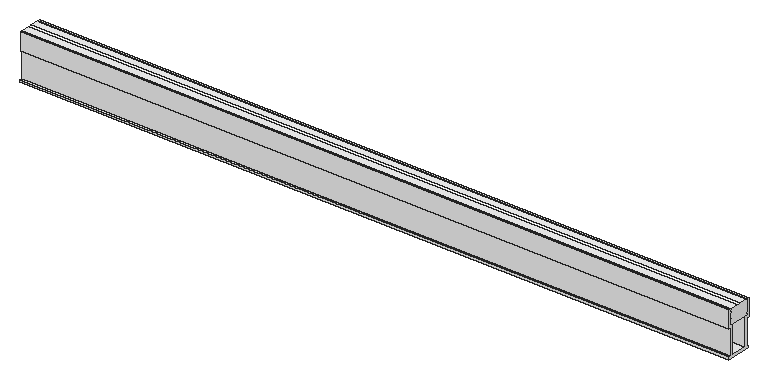
Revit family "4070758+4070745 Feilo Sylvania Lighting Fixture CURSUS 876MM 620LM OVAL LED 3K with FRAMED ROUGH IN HOUSING", category Lighting Fixtures, host Face, Revit 2017
Family settings
  Host = Face
  Round Connector Dimension = Use Diameter
  Part Type = Normal
  OmniClass Number = 23.80.70.14
  OmniClass Title = Luminaries for External Lighting
  Cut with Voids When Loaded = Yes
  Light Source = Yes
  Shared = No
  Room Calculation Point = No
Parameters (values of type "4070758 CURSUS 876MM 620LM OVAL LED 3K")
  Width = 30 mm
  Weight = "1.7 kg"
  Wattage Comments = "n/a"
  Wattage = 13.5 W
  WarrantyStartDate [instance] = "n/a"
  WarrantyGuarantorParts = "n/a"
  WarrantyDurationUnit = "n/a"
  WarrantyDurationParts = "n/a"
  WarrantyDescription = "n/a"
  built-in parameter 1150110 = 1 (stored number, unit not read)
  Voltage = 24 V
  URL = "http://www.sylvania-lighting.com"
  TypeName = "CURSUS 876MM 620LM OVAL LED 3K"
  Type Image = <None>
  Type Comments = "n/a"
  built-in parameter 1114217 = 1 (stored number, unit not read)
  Tilt Angle = -90.00°
  built-in parameter 1150109 = 1 (stored number, unit not read)
  built-in parameter 1150134 = (empty or 0)
  built-in parameter 1150113 = 1 (stored number, unit not read)
  SerialNumber [instance] = "n/a"
  Material_3_FEILO = none
  PowerFactor = 0
  PowerConsumption = "13.5 W"
  Photometric Web File = "4070758.ies"
  NominalLength = 876 mm
  NominalHeight = 50 mm
  NominalDepth = Width  # 30 mm
  Name = "CURSUS 876MM 620LM OVAL LED 3K"
  ModelReference = Name  # "CURSUS 876MM 620LM OVAL LED 3K"
  ModelNumber = "4070758"
  Model = Name  # "CURSUS 876MM 620LM OVAL LED 3K"
  Material = "natural anodised extruded aluminium structure housing, optical system with pmma lenses diffuser"
  ManufacturerName = "Feilo Sylvania"
  Manufacturer = "Feilo Sylvania"
  LuminousEfficacy = "45.92 lm/W"
  built-in parameter 1150105 = 874.55 (stored number, unit not read)
  Lumens = 620 lm
  LuminaireType = ""
  built-in parameter 1150115 = 1 (stored number, unit not read)
  LightOutputRatio = "100"
  built-in parameter 1150137 = (empty or 0)
  built-in parameter 1150139 = (empty or 0)
  LengthVoidExtrusionRight [instance] = if(EndCapRight, Length / 2, Length / 2 - 2.5 mm)  # 438.5 mm
  LengthVoidExtrusionLeft [instance] = if(EndCapLeft, Length / 2, Length / 2 - 2.5 mm)  # 438.5 mm
  Length = 882 mm
  LampsType = Lamp  # "LED"
  LampNominalLuminous = "620 lm"
  LampMacAdamStep = "n/a"
  LampColourTemperature = "3000 K"
  LampColourRenderingIndex = "80"
  built-in parameter 1150112 = 1 (stored number, unit not read)
  built-in parameter 1150114 = 1 (stored number, unit not read)
  Lamp = "LED"
  Keynote = "16500"
  InstallationDate [instance] = "n/a"
  InputVoltage = "24V DC"
  InputNominalFrequency = "50/60 Hz"
  built-in parameter 1150132 = (empty or 0)
  built-in parameter 1150102 = (empty or 0)
  built-in parameter 1150107 = 3000 (stored number, unit not read)
  built-in parameter 1150138 = (empty or 0)
  IngressProtection = "IP67"
  ImpactProtectionIndex = "IK07"
  built-in parameter 1150106 = 8.7455 (stored number, unit not read)
  IfcExportType = "IfcLightFixtureType"
  IfcExportAs = "IfcLightFixtureType"
  ExpectedLife = 50000
  EndCapRight [instance] = no
  EndCapLeft [instance] = no
  Emit from Rectangle Width = Width - 6 mm  # 24 mm
  Emit from Rectangle Length = Length - 6 mm  # 876 mm
  Emit Shape Visible in Rendering = no
  ElectricShockClassification = "Class III"
  built-in parameter 1150104 = 4.2667 (stored number, unit not read)
  DurationUnit = "hours"
  DocumentationLiterature = "http://www.sylvania-lighting.com/product/en-int/products/4070758"
  DimmingControlOptions = "n/a"
  Dimming Lamp Color Temperature Shift = <None>
  Material_2_FEILO = Diffuser-Sylvania-Glow
  Description = "LED Exterior Lighting Recessed Surface Mounted Linear Fixture, Natural anodised extruded aluminium structure. Die-cast aluminium end caps. Installation kit with harmonic steel springs., 620 lm, 13,5W, 45lm/W, 3000K, CRI80+,non dimmable,IP67, IK07, (HxWxD) 876x50x30mm, 3 step Mac Adam Ellipse, 1.7kg,, Classe III, 21-25V-DC, energy class : A++, A+, A"
  Default Elevation = 1219.2 mm
  CreatedOn = "1/8/2018"
  CreatedBy = ""
  Cost = 0
  Color Filter = 16777215
  built-in parameter 1114216 [instance] = (empty or 0)
  ClassificationValue = "EF_70_80"
  ClassificationName = "Uniclass2015"
  Material_1_FEILO = Body-Sylvania-Gray
  BarCode [instance] = "n/a"
  built-in parameter 1114218 = 1 (stored number, unit not read)
  built-in parameter 1150133 = 10 (stored number, unit not read)
  AssetType = "Fixed"
  AssetIdentifier [instance] = "n/a"
  Assembly Code = "D5020200"
  Apparent Load = 13.5 VA
  Material_4_FEILO = Diffuser-Sylvania-Glow
Reference planes
  plane 1 "Center (Front/Back)": y = 0
  plane 2: z = 0
  plane 3 "Center (Left/Right)": x = 0
  plane 4: y = 15
  plane 5: y = -15
  plane 6: x = 441
  plane 7: x = -441
  plane 8: x = -438.5
  plane 9: y = 12.5
  plane 10: y = -12.5
  plane 11: x = 438.5
  plane 12: z = -55
  plane 13: z = -52.5
  plane 14: z = -2
  plane 15: y = -10
  plane 16: z = -18
  plane 17: z = -20.5
  plane 18: y = 10
Forms (mm)
  Extrusion 1, solid, material "Body-Sylvania-Gray" <- "Material_1_FEILO"
    sketch origin (0, 0, -32.5) x (0, 1, 0) y (0, 0, 1)
      loop
        line (15, -22.5) -> (15, -20) -> (12.5, -20) -> (12.5, 12) -> (15, 12) -> (15, 32.5) -> (12.5, 32.5) -> (12.5, 14.5) -> (10, 14.5) -> (10, -20) -> (-10, -20) -> (-10, 14.5) -> (-12.5, 14.5) -> (-12.5, 32.5) -> (-15, 32.5) -> (-15, 12) -> (-12.5, 12) -> (-12.5, -20) -> (-15, -20) -> (-15, -22.5) -> (15, -22.5)
    from -438.5 to 438.5
  Extrusion 2, solid, material "Body-Sylvania-Gray" <- "Material_1_FEILO", visible <- "EndCapRight"
    sketch origin (441, 1524, 1219.2) x (0, 1, 0) y (0, 0, 1)
      loop
        line (-1539, -1274.2) -> (-1509, -1274.2) -> (-1509, -1219.2) -> (-1539, -1219.2) -> (-1539, -1274.2)
    from 0 to -2.5
  Extrusion 3, solid, material "Body-Sylvania-Gray" <- "Material_1_FEILO", visible <- "EndCapLeft"
    sketch origin (-441, 1524, 1219.2) x (0, 1, 0) y (0, 0, 1)
      loop
        line (-1539, -1274.2) -> (-1509, -1274.2) -> (-1509, -1219.2) -> (-1539, -1219.2) -> (-1539, -1274.2)
    from 0 to 2.5
  Extrusion 4, solid, material "Diffuser-Sylvania-Glow" <- "Material_2_FEILO"
    sketch origin (0, 0, 0) x (0, 1, 0) y (0, 0, 1)
      loop
        line (-12.5, 0) -> (-12.5, -18) -> (12.5, -18) -> (12.5, 0) -> (2, 0) -> (0, -2) -> (-2, 0) -> (-12.5, 0)
    from -438.5 to 438.5
  Extrusion 5, void
    sketch origin (0, 0, 0) x (1, 0, 0) y (0, 1, 0)
      loop
        line (-438.5, 15) -> (-438.5, -15) -> (438.5, -15) -> (438.5, 15) -> (-438.5, 15)
    from 0 to -55
Dimensions and locks
  equal spacing: plane 5, plane 1 "Center (Front/Back)", plane 4
  equal spacing: plane 7, plane 3 "Center (Left/Right)", plane 6
  "Length": plane 7 to plane 6
  equal spacing: plane 8, plane 3 "Center (Left/Right)", plane 11
  equal spacing: plane 10, plane 1 "Center (Front/Back)", plane 9
  locked: plane 5 to plane 10 at 2.5
  "Width": plane 5 to plane 4
  locked: plane 2 to plane 12 at 55
  locked: plane 12 to plane 13 at 2.5
  "LengthVoidExtrusionLeft": Extrusion 5 sketch curve to plane 3 "Center (Left/Right)"
  "LengthVoidExtrusionRight": plane 3 "Center (Left/Right)" to Extrusion 5 sketch curve
  plane 2 to plane 14 = 2 mm
  locked: plane 7 to plane 8 at 2.5
  locked: plane 2 to plane 16 at 18
  locked: plane 17 to plane 16 at 2.5
  equal spacing: plane 15, plane 1 "Center (Front/Back)", plane 18
  locked: plane 10 to plane 15 at 2.5
  locked: plane 14 to Extrusion 4 sketch curve (angle 45.00°)
  locked: Extrusion 4 sketch curve to plane 14 (angle 45.00°)
  aligned and locked: plane 2 to host face
  aligned and locked: level to host face
  aligned and locked: plane 4 to Extrusion 1 sketch curve
  aligned and locked: Extrusion 1 sketch curve to plane 5
  aligned and locked: plane 10 to Extrusion 1 sketch curve  (x2)
  aligned and locked: Extrusion 1 sketch curve to plane 9  (x2)
  aligned and locked: plane 8 to Extrusion 3
  aligned and locked: Extrusion 3 to plane 7
  aligned and locked: Extrusion 4 to plane 8
  aligned and locked: plane 11 to Extrusion 4
  aligned and locked: imposter light to plane 1 "Center (Front/Back)"
  aligned and locked: plane 3 "Center (Left/Right)" to imposter light
  aligned and locked: plane 12 to Extrusion 1
  aligned and locked: Extrusion 1 to plane 13
  aligned and locked: level to Extrusion 1  (x2)
  aligned and locked: plane 2 to imposter light
  aligned and locked: plane 11 to Extrusion 1
  aligned and locked: Extrusion 1 to plane 8
  aligned and locked: plane 12 to Extrusion 3 sketch curve
  aligned and locked: plane 5 to Extrusion 3 sketch curve
  aligned and locked: Extrusion 3 sketch curve to plane 4
  aligned and locked: Extrusion 2 sketch curve to plane 4
  aligned and locked: plane 5 to Extrusion 2 sketch curve
  aligned and locked: plane 12 to Extrusion 2 sketch curve
  aligned and locked: plane 9 to Extrusion 4 sketch curve
  aligned and locked: Extrusion 4 sketch curve to plane 10
  aligned and locked: Extrusion 5 sketch curve to plane 4
  aligned and locked: plane 5 to Extrusion 5 sketch curve
  aligned and locked: Extrusion 5 to Extrusion 1
  aligned and locked: level to Extrusion 5
  aligned and locked: plane 14 to Extrusion 4 sketch curve
  aligned and locked: Extrusion 4 sketch curve to plane 16
  aligned and locked: Extrusion 1 sketch curve to Extrusion 1 sketch curve  (x3)
  aligned and locked: Extrusion 1 sketch curve to Extrusion 4
  aligned and locked: plane 15 to Extrusion 1 sketch curve
  aligned and locked: plane 17 to Extrusion 1 sketch curve
  aligned and locked: plane 5 to Extrusion 1 sketch curve
  aligned and locked: Extrusion 1 sketch curve to plane 16
  aligned and locked: plane 18 to Extrusion 1 sketch curve
  aligned and locked: Extrusion 1 sketch curve to plane 17
  aligned and locked: Extrusion 1 sketch curve to Extrusion 2
Automatic sketch dimensions
  host sketch curve to host sketch curve = 2438.4 mm  (x2)
  Extrusion 3 sketch curve to level = 0 mm
  Extrusion 2 sketch curve to level = 0 mm
  Extrusion 4 sketch curve to level = 0 mm  (x2)
  Extrusion 4 sketch curve to plane 1 "Center (Front/Back)" = 0 mm
  plane 12 to Extrusion 1 sketch curve = 0 mm
  plane 13 to Extrusion 1 sketch curve = 0 mm
  Extrusion 1 sketch curve to level = 0 mm  (x2)
Connectors
  electrical at (0, 0, 0), driven by "Apparent Load", driven by "PowerFactor", driven by "Voltage"
    settings: index 1, voltage 24 V, apparent load 13.5 VA, apparent load phase1 0 VA, apparent load phase2 0 VA, apparent load phase3 0 VA, power factor 0, load classification "Lighting", number of poles 1, system type 30, power factor state 1, is connector primary yes, connector utility no, sub classification motor no, connector description ""
